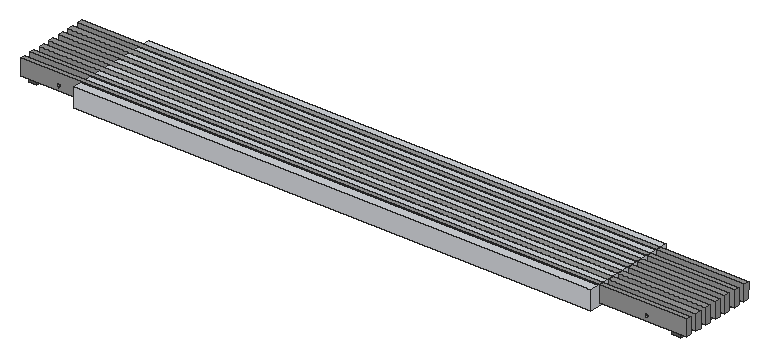
Revit family "1213-7, Solid", category Generic Models, host Face, Revit 2020
Family settings
  Host = Face
  Can host rebar = No
  Round Connector Dimension = Use Diameter
  Part Type = Normal
  Cut with Voids When Loaded = No
  Shared = No
  Room Calculation Point = No
Parameters
  min_value [instance] = 1' - 11 1/4"  # constant formula
  max_value [instance] = 11' - 11 1/4"  # constant formula
  actual_value [instance] = if(NET LENGTH < min_value, min_value, if(NET LENGTH > max_value, max_value, NET LENGTH))  # 7' - 11 1/4"
  NET LENGTH [instance] = 7' - 11 1/4"
  IMPORTANT NOTE!!!                                                                             *Backer & dowel layout is for visualization purposes only, final layout to be determined by 9Wood. [instance] = ""
  Default Elevation = 4' - 0"
  DOWEL RADIUS [instance] = 0' - 0 1/4"  # constant formula
  BACKING M MATERIAL [instance] = BLACK-BACKERS
  .. MEMBER WIDTH [instance] = 0' - 0 3/4"  # constant formula
  .. MEMBER MATERIAL [instance] = Solid Western Hemlock
  .. MEMBER DEPTH [instance] = 0' - 2 1/4"  # constant formula
  .. MEMBER COUNT [instance] = 7  # constant formula
Reference planes (in)
  plane 1 "Center (Front/Back)": y = 0
  plane 2: z = 2.726
  plane 3 "Center (Left/Right)": x = 0
Forms (in)
  Extrusion 1, solid
    sketch origin (15, -0.86619, -0.99308) x (0, 1, 0) y (-1, 0, 0)
      loop
        line (3.42869, -23.66817) -> (3.42869, 50.25) -> (-10, 50.25) -> (-10, -23.66817) -> (3.42869, -23.66817)
    from 3.71908 to 1.00111
Dimensions and locks (in)
  aligned and locked: plane 2 to Extrusion 1
Nested families (in)
  nested 1: "1200 Series" at (-44, -2, 1.87867), NET LENGTH <- "actual_value", DOWEL RADII <- "DOWEL RADIUS", .. MEMBER WIDTH <- ".. MEMBER WIDTH", .. MEMBER DEPTH <- ".. MEMBER DEPTH", .. MEMBER MATERIAL <- ".. MEMBER MATERIAL", BACKING M MATERIAL <- "BACKING M MATERIAL", .. MEMBER COUNT <- ".. MEMBER COUNT", type "1200 Series"
    with X 7' - 4", WIDTH 1' - 0 1/16", Space 0' - 0 11/16", START 0' - 0 3/8", SCRIM MATERIAL SCRIM, SCRIM 3 8' - 1", SCRIM 2 0' - 0 7/8", SCRIM 1 0' - 0 3/32", SCRIM yes, NET LENGTH 7' - 11 1/4", N 8, INSET 3 0' - 0 3/16", INSET 0' - 1", INDEX 0' - 5 5/8", END BACKER yes, DOWEL RADII 0' - 0 1/4", DOWEL COUNT 8, BACKING M WIDTH 0' - 1 1/4", BACKING M MATERIAL BLACK-BACKERS, BACKING M LENGTH 0' - 11 7/8", BACKING M DEPTH 0' - 0 1/2", .. MEMBER WIDTH 0' - 0 3/4", .. MEMBER OC TYP 0' - 1.71429", .. MEMBER MATERIAL Solid Western Hemlock, .. MEMBER DEPTH 0' - 2 1/4", .. MEMBER COUNT 7
Definition of nested family "1200 Series"
  Parameters (values of type "1200 Series")
    X [instance] = NET LENGTH - (0' 3 5/8" * 2)  # 6' - 2"
    WIDTH [instance] = 1' - 0 1/16"
    Space [instance] = 0' - 0 11/16"  # constant formula
    START [instance] = .. MEMBER WIDTH / 2  # 0' - 0 3/8"
    SCRIM MATERIAL [instance] = none
    SCRIM 3 [instance] = NET LENGTH + (SCRIM 2 * 2)  # 6' - 11"
    SCRIM 2 [instance] = 0' - 0 7/8"
    SCRIM 1 [instance] = 0' - 0 3/32"
    SCRIM [instance] = yes
    NET LENGTH [instance] = 6' - 9 1/4"
    N [instance] = if((X - (rounddown(X / 1' 0") * 1' 0")) > 1' 0", rounddown(X / 1' 0") + 2, rounddown(X / 1' 0") + 1)  # 7
    INSET 3 [instance] = 0' - 0 3/16"
    INSET [instance] = 0' - 1"
    INDEX [instance] = (NET LENGTH - ((N - 1) * 1' 0")) / 2  # 0' - 4 5/8"
    END BACKER [instance] = yes
    Default Elevation = 0' - 0"
    DOWEL RADII [instance] = 0' - 0 1/4"
    DOWEL COUNT [instance] = N  # 7
    BACKING M WIDTH [instance] = 0' - 1 1/4"
    BACKING M MATERIAL [instance] = none
    BACKING M LENGTH [instance] = 0' - 11 7/8"
    BACKING M DEPTH [instance] = 0' - 0 1/2"
    .. MEMBER WIDTH [instance] = 0' - 0 3/4"
    .. MEMBER OC TYP [instance] = 1' 0" / .. MEMBER COUNT  # 0' - 3"
    .. MEMBER MATERIAL [instance] = none
    .. MEMBER DEPTH [instance] = 0' - 1 3/8"
    .. MEMBER COUNT [instance] = 4
  Reference planes (in)
    plane 1 "Center (Front/Back)": y = -7.5
    plane 2: z = 0
    plane 3 "Center (Left/Right)": x = 0
    plane 4: x = 1
    plane 5: x = 4.625
    plane 6: x = 81.25
    plane 7: x = 80.25
    plane 8: x = 16.625
    plane 9: y = -7.3125
    plane 10: y = -4.125
    plane 11: y = -7.125
    plane 12: y = 4.5625
    plane 13: y = -4.5
    plane 14: y = -7.59375
    plane 15: x = 82.125
    plane 16: y = 4.65625
    plane 17: x = -0.875
    plane 18: z = -1.375
    plane 19: z = -0.6875
  Lines and regions (in)
    model lines
      curve 1: line (4.375, -7.5, -0.6875) -> (4.875, -7.5, -0.6875)
    model lines, not visible
      curve 2: line (4.625, -7.5, -0.9375) -> (4.625, -7.5, -0.4375)
      curve 3: line (4.375, -7.5, -0.6875) -> (4.875, -7.5, -0.6875)
      curve 4: line (16.625, -7.5, -0.9375) -> (16.625, -7.5, -0.4375)
      curve 5: line (16.375, -7.5, -0.6875) -> (16.875, -7.5, -0.6875)
      curve 6: line (28.625, -7.5, -0.9375) -> (28.625, -7.5, -0.4375)
      curve 7: line (28.375, -7.5, -0.6875) -> (28.875, -7.5, -0.6875)
      curve 8: line (40.625, -7.5, -0.9375) -> (40.625, -7.5, -0.4375)
      curve 9: line (40.375, -7.5, -0.6875) -> (40.875, -7.5, -0.6875)
      curve 10: line (52.625, -7.5, -0.9375) -> (52.625, -7.5, -0.4375)
      curve 11: line (52.375, -7.5, -0.6875) -> (52.875, -7.5, -0.6875)
      curve 12: line (64.625, -7.5, -0.9375) -> (64.625, -7.5, -0.4375)
      curve 13: line (64.375, -7.5, -0.6875) -> (64.875, -7.5, -0.6875)
      curve 14: line (76.625, -7.5, -0.9375) -> (76.625, -7.5, -0.4375)
      curve 15: line (76.375, -7.5, -0.6875) -> (76.875, -7.5, -0.6875)
  Dimensions and locks (in)
    "NET LENGTH": plane 3 "Center (Left/Right)" to plane 6
    "INSET": plane 7 to plane 6
    "INDEX": plane 3 "Center (Left/Right)" to plane 5
    plane 5 to plane 8 = 1' - 0"
    "INSET 3": plane 1 "Center (Front/Back)" to plane 9
    equal spacing: group 1, group 2, group 3, group 4  (x3)
    "START": plane 11 to plane 1 "Center (Front/Back)"
    ".. MEMBER OC TYP": plane 10 to plane 11
    "WIDTH": plane 12 to plane 1 "Center (Front/Back)"
    "START": plane 10 to plane 13
    "SCRIM 1": plane 14 to plane 1 "Center (Front/Back)"
    "SCRIM 2": plane 6 to plane 15
    "SCRIM 1": plane 12 to plane 16
    "SCRIM 2": plane 17 to plane 3 "Center (Left/Right)"
    "INSET": plane 3 "Center (Left/Right)" to plane 4
    equal spacing: group 5, group 6, group 7, group 8, group 9, group 10, group 11  (x3)
    "Space": plane 19 to plane 18
    aligned and locked: level to plane 2
    aligned and locked: nested 1 to plane 4  (x2)
    aligned and locked: plane 7 to nested 2
    aligned and locked: plane 5 to nested 3
    aligned and locked: nested 1 to plane 9
    aligned and locked: plane 1 "Center (Front/Back)" to nested 4
    aligned and locked: plane 9 to nested 2
    aligned and locked: plane 13 to nested 5
    aligned and locked: nested 3 to plane 9
    aligned and locked: plane 18 to nested 1
    aligned and locked: plane 19 to nested 3
    aligned and locked: curve 1 to plane 19
    aligned and locked: plane 8 to curve 4
    aligned and locked: curve 5 to plane 19
    aligned and locked: nested 4 to plane 18
  Automatic sketch dimensions
    curve 1 to curve 1 = 0' - 0 1/2"
    curve 1 to plane 5 = 0' - 0 1/4"
    plane 5 to curve 1 = 0' - 0 1/4"
    curve 3 to curve 2 = 0' - 0 1/4"  (x2)
    curve 2 to curve 3 = 0' - 0 1/4"  (x2)
    curve 5 to curve 4 = 0' - 0 1/4"  (x2)
    curve 4 to curve 5 = 0' - 0 1/4"  (x2)
    curve 7 to curve 6 = 0' - 0 1/4"  (x2)
    curve 6 to curve 7 = 0' - 0 1/4"  (x2)
    curve 9 to curve 8 = 0' - 0 1/4"  (x2)
    curve 8 to curve 9 = 0' - 0 1/4"  (x2)
    curve 11 to curve 10 = 0' - 0 1/4"  (x2)
    curve 10 to curve 11 = 0' - 0 1/4"  (x2)
    curve 13 to curve 12 = 0' - 0 1/4"  (x2)
    curve 12 to curve 13 = 0' - 0 1/4"  (x2)
    curve 15 to curve 14 = 0' - 0 1/4"  (x2)
    curve 14 to curve 15 = 0' - 0 1/4"  (x2)
  Nested families (in)
    nested 1: "INSTANCE - 2ND -  EXTEND SIDE H CENTER W - Parametric Cube" at (1, -1.375, -1.375) x (0, -1, 0) z (0, 0, 1), Width <- "BACKING M LENGTH", Length <- "BACKING M WIDTH", Material <- "BACKING M MATERIAL", Height <- "BACKING M DEPTH", visible <- "END BACKER", type "INSTANCE - 2ND -  EXTEND SIDE H CENTER W - Parametric Cube"
      with Width 0' - 11 7/8", Material none, Length 0' - 1 1/4", Height 0' - 0 1/2"
    nested 2: "INSTANCE - 2ND -  EXTEND SIDE H CENTER W - Parametric Cube" at (80.25, -1.375, -1.375) x (0, -1, 0) z (0, 0, 1), Width <- "BACKING M LENGTH", Length <- "BACKING M WIDTH", Material <- "BACKING M MATERIAL", Height <- "BACKING M DEPTH", visible <- "END BACKER", type "INSTANCE - 2ND -  EXTEND SIDE H CENTER W - Parametric Cube"
      with Width 0' - 11 7/8", Material none, Length 0' - 1 1/4", Height 0' - 0 1/2"
    nested 3: "Family3" at (-5.375, -7.3125, -0.6875), DOWEL RADII <- "DOWEL RADII", BACKING MEM MATERIAL <- "BACKING M MATERIAL", type "Family3"
      with DOWEL RADII 0' - 0 1/4", DOWEL LENGTH 0' - 11 7/8", BACKING MEM MATERIAL none
    nested 4: "HOLED MEMBER" at (0, -18.75, 6.19404), DOWEL RADII <- "DOWEL RADII", .. MEMBER LENGTH <- "NET LENGTH", DOWEL COUNT <- "DOWEL COUNT", DEPTH <- ".. MEMBER DEPTH", .. MEMBER WIDTH <- ".. MEMBER WIDTH", Material <- ".. MEMBER MATERIAL", DOWEL INDEX <- "INDEX", Space 2 <- "Space", type "HOLED MEMBER"
      with Width 0' - 6", Space 2 0' - 0 11/16", Material none, Length 1' - 0", Height 0' - 10.43096", DOWEL RADII 0' - 0 1/4", DOWEL OC DIST 1' - 0", DOWEL INDEX 0' - 4 5/8", DOWEL COUNT 7, DEPTH 0' - 1 3/8", .. MEMBER WIDTH 0' - 0 3/4", .. MEMBER LENGTH 6' - 9 1/4"
    nested 5: "HOLED MEMBER" at (0, -15.75, 6.19404), DOWEL RADII <- "DOWEL RADII", .. MEMBER LENGTH <- "NET LENGTH", DOWEL COUNT <- "DOWEL COUNT", DEPTH <- ".. MEMBER DEPTH", .. MEMBER WIDTH <- ".. MEMBER WIDTH", Material <- ".. MEMBER MATERIAL", DOWEL INDEX <- "INDEX", Space 2 <- "Space", type "HOLED MEMBER"
      with Width 0' - 6", Space 2 0' - 0 11/16", Material none, Length 1' - 0", Height 0' - 10.43096", DOWEL RADII 0' - 0 1/4", DOWEL OC DIST 1' - 0", DOWEL INDEX 0' - 4 5/8", DOWEL COUNT 7, DEPTH 0' - 1 3/8", .. MEMBER WIDTH 0' - 0 3/4", .. MEMBER LENGTH 6' - 9 1/4"
    nested 6: "HOLED MEMBER" at (0, -12.75, 6.19404), DOWEL RADII <- "DOWEL RADII", .. MEMBER LENGTH <- "NET LENGTH", DOWEL COUNT <- "DOWEL COUNT", DEPTH <- ".. MEMBER DEPTH", .. MEMBER WIDTH <- ".. MEMBER WIDTH", Material <- ".. MEMBER MATERIAL", DOWEL INDEX <- "INDEX", Space 2 <- "Space", type "HOLED MEMBER"
      with Width 0' - 6", Space 2 0' - 0 11/16", Material none, Length 1' - 0", Height 0' - 10.43096", DOWEL RADII 0' - 0 1/4", DOWEL OC DIST 1' - 0", DOWEL INDEX 0' - 4 5/8", DOWEL COUNT 7, DEPTH 0' - 1 3/8", .. MEMBER WIDTH 0' - 0 3/4", .. MEMBER LENGTH 6' - 9 1/4"
    nested 7: "HOLED MEMBER" at (0, -9.75, 6.19404), DOWEL RADII <- "DOWEL RADII", .. MEMBER LENGTH <- "NET LENGTH", DOWEL COUNT <- "DOWEL COUNT", DEPTH <- ".. MEMBER DEPTH", .. MEMBER WIDTH <- ".. MEMBER WIDTH", Material <- ".. MEMBER MATERIAL", DOWEL INDEX <- "INDEX", Space 2 <- "Space", type "HOLED MEMBER"
      with Width 0' - 6", Space 2 0' - 0 11/16", Material none, Length 1' - 0", Height 0' - 10.43096", DOWEL RADII 0' - 0 1/4", DOWEL OC DIST 1' - 0", DOWEL INDEX 0' - 4 5/8", DOWEL COUNT 7, DEPTH 0' - 1 3/8", .. MEMBER WIDTH 0' - 0 3/4", .. MEMBER LENGTH 6' - 9 1/4"
    nested 8: "Family3" at (6.625, -7.3125, -0.6875), DOWEL RADII <- "DOWEL RADII", BACKING MEM MATERIAL <- "BACKING M MATERIAL", type "Family3"
      with DOWEL RADII 0' - 0 1/4", DOWEL LENGTH 0' - 11 7/8", BACKING MEM MATERIAL none
    nested 9: "Family3" at (18.625, -7.3125, -0.6875), DOWEL RADII <- "DOWEL RADII", BACKING MEM MATERIAL <- "BACKING M MATERIAL", type "Family3"
      with DOWEL RADII 0' - 0 1/4", DOWEL LENGTH 0' - 11 7/8", BACKING MEM MATERIAL none
    nested 10: "Family3" at (30.625, -7.3125, -0.6875), DOWEL RADII <- "DOWEL RADII", BACKING MEM MATERIAL <- "BACKING M MATERIAL", type "Family3"
      with DOWEL RADII 0' - 0 1/4", DOWEL LENGTH 0' - 11 7/8", BACKING MEM MATERIAL none
    nested 11: "Family3" at (42.625, -7.3125, -0.6875), DOWEL RADII <- "DOWEL RADII", BACKING MEM MATERIAL <- "BACKING M MATERIAL", type "Family3"
      with DOWEL RADII 0' - 0 1/4", DOWEL LENGTH 0' - 11 7/8", BACKING MEM MATERIAL none
    nested 12: "Family3" at (54.625, -7.3125, -0.6875), DOWEL RADII <- "DOWEL RADII", BACKING MEM MATERIAL <- "BACKING M MATERIAL", type "Family3"
      with DOWEL RADII 0' - 0 1/4", DOWEL LENGTH 0' - 11 7/8", BACKING MEM MATERIAL none
    nested 13: "Family3" at (66.625, -7.3125, -0.6875), DOWEL RADII <- "DOWEL RADII", BACKING MEM MATERIAL <- "BACKING M MATERIAL", type "Family3"
      with DOWEL RADII 0' - 0 1/4", DOWEL LENGTH 0' - 11 7/8", BACKING MEM MATERIAL none
  Definition of nested family "INSTANCE - 2ND -  EXTEND SIDE H CENTER W - Parametric Cube"
    Parameters (values of type "INSTANCE - 2ND -  EXTEND SIDE H CENTER W - Parametric Cube")
      Width [instance] = 0' - 6"
      Material [instance] = none
      Length [instance] = 1' - 0"
      Height [instance] = 1' - 6"
      Default Elevation = 0' - 0"
    Reference planes (in)
      plane 1 "Center (Front/Back)": y = 0
      plane 2: z = 0
      plane 3 "Center (Left/Right)": x = 0
      plane 4: x = -3
      plane 5: x = 3
      plane 6: y = 12
      plane 7: z = -18
    Forms (in)
      Extrusion 1, solid, material <- "Material"
        sketch origin (0, 6, 0) x (1, 0, 0) y (0, 1, 0)
          loop
            line (-3, 6) -> (-3, -6) -> (3, -6) -> (3, 6) -> (-3, 6)
        from -18 to 0
    Dimensions and locks (in)
      equal spacing: plane 4, plane 3 "Center (Left/Right)", plane 5
      "Width": plane 4 to plane 5
      "Height": plane 7 to level
      "Length": plane 1 "Center (Front/Back)" to plane 6
      aligned and locked: plane 2 to level
      aligned and locked: plane 4 to Extrusion 1 sketch curve
      aligned and locked: Extrusion 1 sketch curve to plane 5
      aligned and locked: Extrusion 1 to plane 7
      aligned and locked: plane 6 to Extrusion 1
    Automatic sketch dimensions
      plane 1 "Center (Front/Back)" to Extrusion 1 sketch curve = 0' - 0"
      plane 6 to Extrusion 1 sketch curve = 0' - 0"
  Definition of nested family "Family3"
    Parameters (values of type "Family3")
      Default Elevation = 0' - 0"
      DOWEL RADII [instance] = 0' - 0 5/8"
      DOWEL LENGTH [instance] = 0' - 5"
      BACKING MEM MATERIAL [instance] = none
    Reference planes (in)
      plane 1 "Center (Front/Back)": y = 0
      plane 2: z = 0
      plane 3 "Center (Left/Right)": x = 0
      plane 4: y = 5
    Forms (in)
      Extrusion 1, solid, material <- "BACKING MEM MATERIAL"
        sketch origin (10, 0, 0) x (1, 0, 0) y (0, 0, 1)
          loop
            circle (0, 0) r 0.625
        from 0 to -5
      Extrusion 2, solid, not visible
        sketch origin (0, 0, 0) x (1, 0, 0) y (0, 0, 1)
          loop
            circle (0, 0) r 0.625
        from 0 to 12
      Extrusion 3, solid, not visible
        sketch origin (10, 0, 0) x (1, 0, 0) y (0, 0, 1)
          loop
            circle (0, 0) r 0.625
        from 0 to 2.5
      Extrusion 4, solid, not visible
        sketch origin (10, 0, 0) x (1, 0, 0) y (0, 0, 1)
          loop
            circle (0, 0) r 0.625
        from 0 to -12
    Lines and regions (in)
      model lines, not visible
        curve 1: line (-13, 0, 0) -> (-13, -12, 0)
        curve 2: line (13, 0, 0) -> (13, -12, 0)
        curve 3: line (9.89453, 0, 0) -> (10.08794, 0, 0)
        curve 4: line (9.89453, -2.5, 0) -> (10.08794, -2.5, 0)
        curve 6: line (10, 0, 0) -> (10, 2, 0)
      model lines
        curve 5: line (10, 0, 0) -> (10, 2, 0)
    Dimensions and locks (in)
      "DOWEL LENGTH": plane 1 "Center (Front/Back)" to plane 4
      "DOWEL RADII": radius of Extrusion 1 sketch curve
      "DOWEL RADII": radius of Extrusion 2 sketch curve
      "DOWEL RADII": radius of Extrusion 3 sketch curve
      "DOWEL RADII": radius of Extrusion 4 sketch curve
      "DOWEL RADII": radius of Extrusion 1
      aligned and locked: plane 2 to level
      aligned and locked: Extrusion 1 to plane 1 "Center (Front/Back)"  (x3)
      aligned and locked: plane 1 "Center (Front/Back)" to Extrusion 1
      aligned and locked: plane 4 to Extrusion 1
    Automatic sketch dimensions
      plane 1 "Center (Front/Back)" to curve 5 = 0' - 0"
      curve 5 to plane 1 "Center (Front/Back)" = 0' - 2"
      plane 3 "Center (Left/Right)" to curve 5 = 0' - 10"
      Extrusion 1 sketch curve to level = 0' - 0"
      plane 3 "Center (Left/Right)" to Extrusion 1 sketch curve = 0' - 10"
  Definition of nested family "HOLED MEMBER"
    Parameters (values of type "HOLED MEMBER")
      Width [instance] = 0' - 6"
      Space 2 [instance] = 0' - 0 5/8"
      Space = 0' - 0 5/8"
      Material [instance] = none
      Length [instance] = 1' - 0"
      Height [instance] = 0' - 10.43096"
      Default Elevation = 0' - 0"
      DOWEL RADII [instance] = 0' - 0.34537"
      DOWEL OC DIST [instance] = 1' - 0"
      DOWEL INSET = 0' - 0 5/8"
      DOWEL INDEX [instance] = 0' - 5 5/8"
      DOWEL COUNT [instance] = 6
      DEPTH [instance] = 0' - 2"
      .. MEMBER WIDTH [instance] = 0' - 0 5/8"
      .. MEMBER LENGTH [instance] = 5' - 11 3/4"
    Reference planes (in)
      plane 1 "Center (Front/Back)": y = 12
      plane 2: z = -7.56904
      plane 3 "Center (Left/Right)": x = 0
      plane 4: x = 5.625
      plane 5: x = 17.625
      plane 6: y = 11.375
      plane 7: x = 71.75
      plane 8: z = -6.94404
      plane 9: z = -5.56904
    Forms (in)
      Extrusion 1, solid, material <- "Material"
        sketch origin (0, 12, -13.56904) x (1, 0, 0) y (0, 0, 1)
          loop
            line (0, 6) -> (71.75, 6) -> (71.75, 8) -> (0, 8) -> (0, 6)
        from 0.625 to 0
      Extrusion 2, void
        sketch origin (0, 12, -18.31904) x (1, 0, 0) y (0, 0, 1)
          loop
            circle (5.625, 11.375) r 0.34537
        from 0 to 12
      Extrusion 3, void, not visible
        sketch origin (0, 1.25, 0) x (1, 0, 0) y (0, 1, 0)
          loop
            circle (5.625, 11.375) r 0.34537
        from 0 to 12
      Extrusion 4, void, not visible
        sketch origin (0, 1.25, 0) x (1, 0, 0) y (0, 1, 0)
          loop
            circle (5.625, 11.375) r 0.34537
        from 0 to 12
      Extrusion 5, void, not visible
        sketch origin (12, 1.25, 0) x (1, 0, 0) y (0, 1, 0)
          loop
            circle (5.625, 11.375) r 0.34537
        from 0 to 12
      Extrusion 6, void, not visible
        sketch origin (0, 12, -16.31904) x (1, 0, 0) y (0, 0, 1)
          loop
            circle (5.625, 11.375) r 0.34537
        from 0 to 12
      Extrusion 7, void, not visible
        sketch origin (12, 12, -16.31904) x (1, 0, 0) y (0, 0, 1)
          loop
            circle (5.625, 11.375) r 0.34537
        from 0 to 12
      Extrusion 8, void, not visible
        sketch origin (0, 12, -18.31904) x (1, 0, 0) y (0, 0, 1)
          loop
            circle (5.625, 11.375) r 0.34537
        from 0 to 12
      Extrusion 9, void
        sketch origin (12, 12, -18.31904) x (1, 0, 0) y (0, 0, 1)
          loop
            circle (5.625, 11.375) r 0.34537
        from 0 to 12
      Extrusion 10, void, not visible
        sketch origin (24, 12, -16.31904) x (1, 0, 0) y (0, 0, 1)
          loop
            circle (5.625, 11.375) r 0.34537
        from 0 to 12
      Extrusion 11, void, not visible
        sketch origin (36, 12, -16.31904) x (1, 0, 0) y (0, 0, 1)
          loop
            circle (5.625, 11.375) r 0.34537
        from 0 to 12
      Extrusion 12, void, not visible
        sketch origin (48, 12, -16.31904) x (1, 0, 0) y (0, 0, 1)
          loop
            circle (5.625, 11.375) r 0.34537
        from 0 to 12
      Extrusion 13, void, not visible
        sketch origin (60, 12, -16.31904) x (1, 0, 0) y (0, 0, 1)
          loop
            circle (5.625, 11.375) r 0.34537
        from 0 to 12
      Extrusion 14, void, not visible
        sketch origin (24, 1.25, 0) x (1, 0, 0) y (0, 1, 0)
          loop
            circle (5.625, 11.375) r 0.34537
        from 0 to 12
      Extrusion 15, void, not visible
        sketch origin (36, 1.25, 0) x (1, 0, 0) y (0, 1, 0)
          loop
            circle (5.625, 11.375) r 0.34537
        from 0 to 12
      Extrusion 16, void, not visible
        sketch origin (48, 1.25, 0) x (1, 0, 0) y (0, 1, 0)
          loop
            circle (5.625, 11.375) r 0.34537
        from 0 to 12
      Extrusion 17, void, not visible
        sketch origin (60, 1.25, 0) x (1, 0, 0) y (0, 1, 0)
          loop
            circle (5.625, 11.375) r 0.34537
        from 0 to 12
      Extrusion 18, void
        sketch origin (24, 12, -18.31904) x (1, 0, 0) y (0, 0, 1)
          loop
            circle (5.625, 11.375) r 0.34537
        from 0 to 12
      Extrusion 19, void
        sketch origin (36, 12, -18.31904) x (1, 0, 0) y (0, 0, 1)
          loop
            circle (5.625, 11.375) r 0.34537
        from 0 to 12
      Extrusion 20, void
        sketch origin (48, 12, -18.31904) x (1, 0, 0) y (0, 0, 1)
          loop
            circle (5.625, 11.375) r 0.34537
        from 0 to 12
      Extrusion 21, void
        sketch origin (60, 12, -18.31904) x (1, 0, 0) y (0, 0, 1)
          loop
            circle (5.625, 11.375) r 0.34537
        from 0 to 12
    Cuts and joins
      Extrusion 2, Extrusion 9, Extrusion 18, Extrusion 19, Extrusion 20, Extrusion 21 cuts Extrusion 1
    Lines and regions (in)
      model lines, not visible
        curve 1: line (5.625, 11.72037, 0) -> (5.625, 11.02963, 0)
        curve 2: line (5.625, 11.72037, 0) -> (5.625, 11.02963, 0)
        curve 3: line (17.625, 11.72037, 0) -> (17.625, 11.02963, 0)
        curve 4: line (5.625, 12, -7.56904) -> (5.625, 11.87317, -7.56904)
        curve 5: line (5.625, 11.87317, -7.56904) -> (5.06195, 11.87317, -7.56904)
        curve 6: line (5.06195, 11.87317, -7.56904) -> (5.27963, 11.375, -7.56904)
        curve 7: line (0, 12, -6.19404) -> (0, 11.61951, -6.19404)
        curve 8: line (0, 11.375, -8.19404) -> (0, 11.6747, -8.19404)
        curve 9: line (5.625, 12, -7.56904) -> (5.625, 11.69863, -7.56904)
        curve 11: line (5.625, 12, 0) -> (5.625, 12, 0.30137)
        curve 12: line (5.625, 12, 0) -> (5.625, 12, 0.30137)
        curve 13: line (17.625, 12, 0) -> (17.625, 12, 0.30137)
        curve 14: line (5.625, 12, -5.56904) -> (5.625, 11.69863, -5.56904)
        curve 15: line (17.625, 12, -5.56904) -> (17.625, 11.69863, -5.56904)
        curve 16: line (5.625, 12, -7.56904) -> (5.625, 11.69863, -7.56904)
        curve 18: line (29.625, 12, -5.56904) -> (29.625, 11.69863, -5.56904)
        curve 19: line (41.625, 12, -5.56904) -> (41.625, 11.69863, -5.56904)
        curve 20: line (53.625, 12, -5.56904) -> (53.625, 11.69863, -5.56904)
        curve 21: line (65.625, 12, -5.56904) -> (65.625, 11.69863, -5.56904)
        curve 22: line (29.625, 11.72037, 0) -> (29.625, 11.02963, 0)
        curve 23: line (29.625, 12, 0) -> (29.625, 12, 0.30137)
        curve 24: line (41.625, 11.72037, 0) -> (41.625, 11.02963, 0)
        curve 25: line (41.625, 12, 0) -> (41.625, 12, 0.30137)
        curve 26: line (53.625, 11.72037, 0) -> (53.625, 11.02963, 0)
        curve 27: line (53.625, 12, 0) -> (53.625, 12, 0.30137)
        curve 28: line (65.625, 11.72037, 0) -> (65.625, 11.02963, 0)
        curve 29: line (65.625, 12, 0) -> (65.625, 12, 0.30137)
        curve 35: line (5.27963, 12.625, 0) -> (5.97037, 12.625, 0)
        curve 36: line (5.27963, 12.625, 0) -> (5.97037, 12.625, 0)
        curve 37: line (17.27963, 12.625, 0) -> (17.97037, 12.625, 0)
        curve 38: line (5.27963, 12, -4.94404) -> (5.97037, 12, -4.94404)
        curve 39: line (17.27963, 12, -4.94404) -> (17.97037, 12, -4.94404)
        curve 40: line (5.27963, 12, -6.94404) -> (5.97037, 12, -6.94404)
        curve 42: line (29.27963, 12, -4.94404) -> (29.97037, 12, -4.94404)
        curve 43: line (41.27963, 12, -4.94404) -> (41.97037, 12, -4.94404)
        curve 44: line (53.27963, 12, -4.94404) -> (53.97037, 12, -4.94404)
        curve 45: line (65.27963, 12, -4.94404) -> (65.97037, 12, -4.94404)
        curve 46: line (29.27963, 12.625, 0) -> (29.97037, 12.625, 0)
        curve 47: line (41.27963, 12.625, 0) -> (41.97037, 12.625, 0)
        curve 48: line (53.27963, 12.625, 0) -> (53.97037, 12.625, 0)
        curve 49: line (65.27963, 12.625, 0) -> (65.97037, 12.625, 0)
        curve 54: line (0, 12, -6.94404) -> (0, 4.22059, -6.94404)
        curve 55: line (0, 12.625, 0) -> (0, 12.625, 7.77941)
        curve 56: line (0, 12.625, 0) -> (0, 12.625, 7.77941)
        curve 57: line (12, 12.625, 0) -> (12, 12.625, 7.77941)
        curve 58: line (0, 12, -4.94404) -> (0, 4.22059, -4.94404)
        curve 59: line (12, 12, -4.94404) -> (12, 4.22059, -4.94404)
        curve 60: line (0, 12, -6.94404) -> (0, 4.22059, -6.94404)
        curve 61: line (12, 12, -6.94404) -> (12, 4.22059, -6.94404)
        curve 62: line (24, 12, -4.94404) -> (24, 4.22059, -4.94404)
        curve 63: line (36, 12, -4.94404) -> (36, 4.22059, -4.94404)
        curve 64: line (48, 12, -4.94404) -> (48, 4.22059, -4.94404)
        curve 65: line (60, 12, -4.94404) -> (60, 4.22059, -4.94404)
        curve 66: line (24, 12.625, 0) -> (24, 12.625, 7.77941)
        curve 67: line (36, 12.625, 0) -> (36, 12.625, 7.77941)
        curve 68: line (48, 12.625, 0) -> (48, 12.625, 7.77941)
        curve 69: line (60, 12.625, 0) -> (60, 12.625, 7.77941)
        curve 70: line (24, 12, -6.94404) -> (24, 4.22059, -6.94404)
        curve 71: line (36, 12, -6.94404) -> (36, 4.22059, -6.94404)
        curve 72: line (48, 12, -6.94404) -> (48, 4.22059, -6.94404)
        curve 73: line (60, 12, -6.94404) -> (60, 4.22059, -6.94404)
      model lines
        curve 10: line (5.625, 12, -7.56904) -> (5.625, 11.69863, -7.56904)
        curve 17: line (17.625, 12, -7.56904) -> (17.625, 11.69863, -7.56904)
        curve 30: line (29.625, 12, -7.56904) -> (29.625, 11.69863, -7.56904)
        curve 31: line (41.625, 12, -7.56904) -> (41.625, 11.69863, -7.56904)
        curve 32: line (53.625, 12, -7.56904) -> (53.625, 11.69863, -7.56904)
        curve 33: line (65.625, 12, -7.56904) -> (65.625, 11.69863, -7.56904)
        curve 34: line (5.27963, 12, -6.94404) -> (5.97037, 12, -6.94404)
        curve 41: line (17.27963, 12, -6.94404) -> (17.97037, 12, -6.94404)
        curve 50: line (29.27963, 12, -6.94404) -> (29.97037, 12, -6.94404)
        curve 51: line (41.27963, 12, -6.94404) -> (41.97037, 12, -6.94404)
        curve 52: line (53.27963, 12, -6.94404) -> (53.97037, 12, -6.94404)
        curve 53: line (65.27963, 12, -6.94404) -> (65.97037, 12, -6.94404)
    Dimensions and locks (in)
      "DOWEL INDEX": plane 3 "Center (Left/Right)" to plane 4
      "DOWEL OC DIST": plane 4 to plane 5
      ".. MEMBER LENGTH": plane 3 "Center (Left/Right)" to plane 7
      equal spacing: group 3, group 4, group 17, group 18, group 19, group 20  (x3)
      equal spacing: group 7, group 8, group 13, group 14, group 15, group 16  (x3)
      equal spacing: group 1, group 12, group 21, group 22, group 23, group 24  (x3)
      ".. MEMBER WIDTH": plane 6 to plane 1 "Center (Front/Back)"
      "DEPTH": plane 9 to level
      "Space 2": plane 8 to level
      "DOWEL RADII": radius of Extrusion 2 sketch curve
      "DOWEL RADII": radius of Extrusion 3 sketch curve
      "DOWEL RADII": radius of Extrusion 4 sketch curve
      "DOWEL RADII": radius of Extrusion 5 sketch curve
      "DOWEL RADII": radius of Extrusion 6 sketch curve
      "DOWEL RADII": radius of Extrusion 7 sketch curve
      "DOWEL RADII": radius of Extrusion 8 sketch curve
      "DOWEL RADII": radius of Extrusion 9 sketch curve
      "DOWEL RADII": radius of Extrusion 10 sketch curve
      "DOWEL RADII": radius of Extrusion 11 sketch curve
      "DOWEL RADII": radius of Extrusion 12 sketch curve
      "DOWEL RADII": radius of Extrusion 13 sketch curve
      "DOWEL RADII": radius of Extrusion 14 sketch curve
      "DOWEL RADII": radius of Extrusion 15 sketch curve
      "DOWEL RADII": radius of Extrusion 16 sketch curve
      "DOWEL RADII": radius of Extrusion 17 sketch curve
      "DOWEL RADII": radius of Extrusion 18 sketch curve
      "DOWEL RADII": radius of Extrusion 19 sketch curve
      "DOWEL RADII": radius of Extrusion 20 sketch curve
      "DOWEL RADII": radius of Extrusion 21 sketch curve
      aligned and locked: level to plane 2
      aligned and locked: Extrusion 1 to plane 3 "Center (Left/Right)"  (x2)
      aligned and locked: plane 7 to cut or joined group of Extrusion 1, Extrusion 2, Extrusion 9, Extrusion 18, Extrusion 19, Extrusion 20, Extrusion 21  (x2)
      aligned and locked: cut or joined group of Extrusion 1, Extrusion 2, Extrusion 9, Extrusion 18, Extrusion 19, Extrusion 20, Extrusion 21 to plane 1 "Center (Front/Back)"  (x2)
      aligned and locked: cut or joined group of Extrusion 1, Extrusion 2, Extrusion 9, Extrusion 18, Extrusion 19, Extrusion 20, Extrusion 21 to plane 6  (x2)
      aligned and locked: plane 4 to curve 10
      aligned and locked: plane 5 to curve 17
      aligned and locked: plane 9 to cut or joined group of Extrusion 1, Extrusion 2, Extrusion 9, Extrusion 18, Extrusion 19, Extrusion 20, Extrusion 21  (x2)
      aligned and locked: cut or joined group of Extrusion 1, Extrusion 2, Extrusion 9, Extrusion 18, Extrusion 19, Extrusion 20, Extrusion 21 to level
      aligned and locked: plane 8 to Extrusion 2
      aligned and locked: curve 34 to plane 8
      aligned and locked: curve 41 to plane 8
      aligned and locked: level to curve 10
      aligned and locked: curve 10 to level
      aligned and locked: plane 8 to cut or joined group of Extrusion 1, Extrusion 2, Extrusion 9, Extrusion 18, Extrusion 19, Extrusion 20, Extrusion 21
      aligned and locked: curve 54 to plane 8
    Automatic sketch dimensions
      curve 1 to curve 1 = 0' - 0.69074"
      curve 2 to curve 2 = 0' - 0.69074"
      curve 3 to curve 3 = 0' - 0.69074"
      Extrusion 1 sketch curve to plane 3 "Center (Left/Right)" = 0' - 0"
      Extrusion 1 sketch curve to plane 7 = 0' - 0"
      Extrusion 1 sketch curve to Extrusion 1 sketch curve = 0' - 2"
      level to Extrusion 1 sketch curve = 0' - 0"
      curve 9 to curve 9 = 0' - 0.30137"
      curve 10 to curve 10 = 0' - 0.30137"
      curve 11 to curve 11 = 0' - 0.30137"
      curve 12 to curve 12 = 0' - 0.30137"
      curve 13 to curve 13 = 0' - 0.30137"
      curve 14 to curve 14 = 0' - 0.30137"
      curve 15 to curve 15 = 0' - 0.30137"
      curve 16 to curve 16 = 0' - 0.30137"
      curve 17 to curve 17 = 0' - 0.30137"
      curve 18 to curve 18 = 0' - 0.30137"
      curve 19 to curve 19 = 0' - 0.30137"
      curve 20 to curve 20 = 0' - 0.30137"
      curve 21 to curve 21 = 0' - 0.30137"
      curve 22 to curve 22 = 0' - 0.69074"
      curve 23 to curve 23 = 0' - 0.30137"
      curve 24 to curve 24 = 0' - 0.69074"
      curve 25 to curve 25 = 0' - 0.30137"
      curve 26 to curve 26 = 0' - 0.69074"
      curve 27 to curve 27 = 0' - 0.30137"
      curve 28 to curve 28 = 0' - 0.69074"
      curve 29 to curve 29 = 0' - 0.30137"
      curve 30 to curve 30 = 0' - 0.30137"
      curve 31 to curve 31 = 0' - 0.30137"
      curve 32 to curve 32 = 0' - 0.30137"
      curve 33 to curve 33 = 0' - 0.30137"
      curve 34 to curve 34 = 0' - 0.69074"
      curve 35 to curve 35 = 0' - 0.69074"
      curve 36 to curve 36 = 0' - 0.69074"
      curve 37 to curve 37 = 0' - 0.69074"
      curve 38 to curve 38 = 0' - 0.69074"
      curve 39 to curve 39 = 0' - 0.69074"
      curve 40 to curve 40 = 0' - 0.69074"
      curve 41 to curve 41 = 0' - 0.69074"
      curve 42 to curve 42 = 0' - 0.69074"
      curve 43 to curve 43 = 0' - 0.69074"
      curve 44 to curve 44 = 0' - 0.69074"
      curve 45 to curve 45 = 0' - 0.69074"
      curve 46 to curve 46 = 0' - 0.69074"
      curve 47 to curve 47 = 0' - 0.69074"
      curve 48 to curve 48 = 0' - 0.69074"
      curve 49 to curve 49 = 0' - 0.69074"
      curve 50 to curve 50 = 0' - 0.69074"
      curve 51 to curve 51 = 0' - 0.69074"
      curve 52 to curve 52 = 0' - 0.69074"
      curve 53 to curve 53 = 0' - 0.69074"
      curve 54 to curve 54 = 0' - 7.77941"
      curve 55 to curve 55 = 0' - 7.77941"
      curve 56 to curve 56 = 0' - 7.77941"
      curve 57 to curve 57 = 0' - 7.77941"
      curve 58 to curve 58 = 0' - 7.77941"
      curve 59 to curve 59 = 0' - 7.77941"
      curve 60 to curve 60 = 0' - 7.77941"
      curve 61 to curve 61 = 0' - 7.77941"
      curve 62 to curve 62 = 0' - 7.77941"
      curve 63 to curve 63 = 0' - 7.77941"
      curve 64 to curve 64 = 0' - 7.77941"
      curve 65 to curve 65 = 0' - 7.77941"
      curve 66 to curve 66 = 0' - 7.77941"
      curve 67 to curve 67 = 0' - 7.77941"
      curve 68 to curve 68 = 0' - 7.77941"
      curve 69 to curve 69 = 0' - 7.77941"
      curve 70 to curve 70 = 0' - 7.77941"
      curve 71 to curve 71 = 0' - 7.77941"
      curve 72 to curve 72 = 0' - 7.77941"
      curve 73 to curve 73 = 0' - 7.77941"
